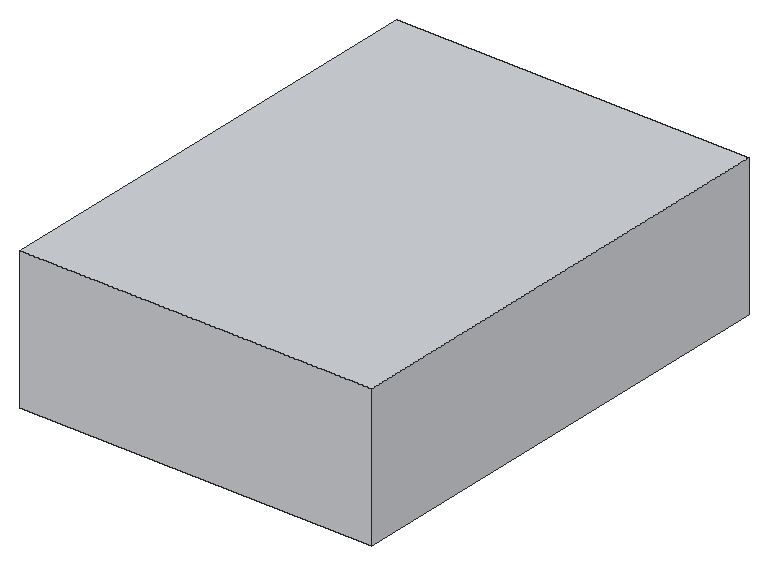
Revit family "GENERIC MODEL TEST", category Generic Models, Revit 2019
Family settings
  Can host rebar = No
  Round Connector Dimension = Use Diameter
  Part Type = Normal
  Work Plane-Based = No
  Always vertical = No
  Cut with Voids When Loaded = No
  Shared = No
  Room Calculation Point = No
Reference planes (in)
  plane 1: y = 0
  plane 2: z = 0
  plane 3: x = 0
Forms (in)
  Extrusion 1, solid
    sketch origin (673.34169, -204.07932, 0) x (1, 0, 0) y (0, 1, 0)
      loop
        line (-706.25758, 248.27078) -> (-706.25758, 159.88787) -> (-640.42581, 159.88787) -> (-640.42581, 248.27078) -> (-706.25758, 248.27078)
    from 0 to 26.44511
